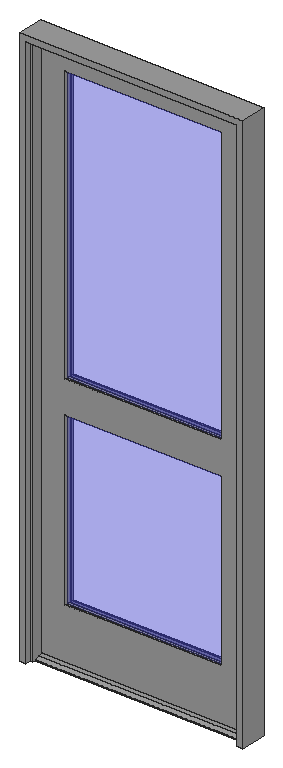
Revit family "MS-375 PIVOT DOOR-VIP-1-CW_v05", category Curtain Panels, Revit 2015
Parameters
  Width [instance] = 3' - 2"
  VIP2 Panic Devices [instance] = not(VIP1 Panic Devices)  # yes
  URL = "obe.com"
  Rough Width [instance] = 3' - 2"
  Panel Width [instance] = [Min-Max Panel Width]  # 3' - 0"
  Panel Offset [instance] = 0' - 0"
  Offset [instance] = 0' - 1"
  Model = "MS-375 DOOR"
  Min-Max Rough Width [instance] = if(and((Rough Width > 3' 1 255/256"), (Rough Width < 3' 8 1/256")), Rough Width, 3' 8")  # 3' - 2"
  Min-Max Panel Width [instance] = if(and((Rough Width > 3' 1 255/256"), (Rough Width < 3' 8 1/256")), Rough Width - 0' 2", 3' 6")  # 3' - 0"
  Manufacturer = "Oldcastle BuildingEnvelope®"
  Keynote = "08 11 00"
  Height [instance] = 8' - 0"
  Pushbar Height [instance] = 3' - 5 1/4"  # constant formula
  Glass Material = Glass
  Frame Material = Aluminum
  Door Panel Height [instance] = Height - 0' 0 19/32"  # 7' - 11 13/32"
  Description = "MS-375 - 1\" Door Infill"
  Assembly Code = "B2030"
  Analytic Construction = "<None>"
  VIP1 Panic Devices [instance] = no
  10 Bottom Rail [instance] = not([8 Bottom Rail])  # no
  8 Bottom Rail [instance] = yes
Reference planes (in)
  plane 1 "Front": y = 0
  plane 2: z = 0
  plane 3 "Center (Left/Right)": x = 0
  plane 4 "Left": x = -19
  plane 5 "Right": x = 19
  plane 6 "Top": z = 96
  plane 7 "Offset": y = -1
  plane 8: y = -2.28244
  plane 9: y = -2.28244
  plane 10: x = -19
  plane 11: x = 19
Forms (in)
  Sweep 1, solid, material "Aluminum" <- "Frame Material"
    path origin (0, -1, 0) x (-1, 0, 0) y (0, 0, 1)
      loop
        line (19, 0) -> (19, 96)
    profile origin (-19, -1, 48) x (1, 0, 0) y (0, 1, 0)
      loop
        line (1, -1.97) -> (1, 0) -> (0, 0) -> (0, -4.5) -> (1, -4.5) -> (1, -3.595) -> (1.5, -3.595) -> (1.5, -1.97) -> (1, -1.97)
  Sweep 2, solid, material "Aluminum" <- "Frame Material"
    path origin (0, -1, 0) x (-1, 0, 0) y (0, 0, 1)
      loop
        line (-19, 0) -> (-19, 96)
    profile origin (19, -1, 48) x (1, 0, 0) y (0, 1, 0)
      loop
        line (-1, -1.97) -> (-1.5, -1.97) -> (-1.5, -3.595) -> (-1, -3.595) -> (-1, -4.5) -> (0, -4.5) -> (0, 0) -> (-1, 0) -> (-1, -1.97)
  Extrusion 3, solid, material "Aluminum" <- "Frame Material"
    sketch origin (-19, 0, 0) x (0, -1, 0) y (0, 0, 1)
      loop
        line (2.97, 94.5) -> (4.595, 94.5) -> (4.595, 95) -> (5.5, 95) -> (5.5, 96) -> (1, 96) -> (1, 95) -> (2.97, 95) -> (2.97, 94.5)
    from -38 to 0
Cuts and joins
  joined: Sweep 1, Sweep 2, Extrusion 3
Text (in)
  text "Exterior" at (-54.29358, 31.38743, 0), in view "Ref. Level"
  text "Exterior" at (480, 41.53993, 89.60405), in view "Right"
  text "Exterior" at (-240, 57.82419, 105.78864), in view "Left"
Dimensions and locks (in)
  equal spacing: plane 4 "Left", plane 3 "Center (Left/Right)", plane 5 "Right"
  "Width": plane 4 "Left" to plane 5 "Right"
  "Height": plane 6 "Top" to plane 2
  "Offset": plane 1 "Front" to plane 7 "Offset"
  locked: plane 7 "Offset" to plane 8 at 1.28244
  locked: plane 7 "Offset" to plane 9 at 1.28244
  Extrusion 3 sketch curve to Extrusion 3 sketch curve to Extrusion 3 sketch curve = 0' - 0 1/2" locked, 0' - 0" locked
  Extrusion 3 sketch curve to Extrusion 3 sketch curve to Extrusion 3 sketch curve to Extrusion 3 sketch curve = 0' - 1.97" locked, 0' - 1 5/8" locked, 0' - 0.905" locked
  locked: Extrusion 3 sketch curve to Extrusion 3 sketch curve at 1
  equal spacing: plane 10, plane 3 "Center (Left/Right)", plane 11
  "Min-Max Rough Width": plane 10 to plane 11
  aligned and locked: level to plane 2
  aligned and locked: plane 6 "Top" to Sweep 1 sketch curve
  aligned and locked: level to Sweep 1 sketch curve
  aligned and locked: plane 6 "Top" to Sweep 2 sketch curve
  aligned and locked: level to Sweep 2 sketch curve
  aligned and locked: Extrusion 3 to plane 6 "Top"
  aligned and locked: Extrusion 3 sketch curve to plane 6 "Top"
  aligned and locked: plane 3 "Center (Left/Right)" to nested 1
  aligned and locked: nested 1 to plane 7 "Offset"  (x2)
  aligned and locked: Sweep 1 sketch curve to plane 10
  aligned and locked: plane 11 to Sweep 2 sketch curve
  aligned and locked: cut or joined group of Sweep 1, Sweep 2, Extrusion 3 to plane 11
  aligned and locked: cut or joined group of Sweep 1, Sweep 2, Extrusion 3 to plane 10
Automatic sketch dimensions
  Sweep 1 sketch curve to profile plane = 0' - 0"
  Sweep 1 sketch curve to plane 7 "Offset" = 0' - 0"
  Sweep 1 sketch curve to profile plane = 0' - 1"  (x2)
  Sweep 1 sketch curve to Sweep 1 sketch curve = 0' - 0 1/2"
  Sweep 1 sketch curve to plane 7 "Offset" = 0' - 1.97"
  Sweep 1 sketch curve to Sweep 1 sketch curve = 0' - 1 5/8"
  Sweep 1 sketch curve to Sweep 1 sketch curve = 0' - 0.905"
  Sweep 2 sketch curve to plane 7 "Offset" = 0' - 0"
  Sweep 2 sketch curve to profile plane = 0' - 0"
  profile plane to Sweep 2 sketch curve = 0' - 1"  (x2)
  Sweep 2 sketch curve to Sweep 2 sketch curve = 0' - 0 1/2"
  Sweep 2 sketch curve to plane 7 "Offset" = 0' - 1.97"
  Sweep 2 sketch curve to Sweep 2 sketch curve = 0' - 1 5/8"
  Sweep 2 sketch curve to Sweep 2 sketch curve = 0' - 0.905"
  Extrusion 3 sketch curve to plane 7 "Offset" = 0' - 0"
Nested families (in)
  nested 1: "MS-375 PIVOT DOOR-VIP-1-Panel_v04" at (0, -17, 0), Height <- "Door Panel Height", Frame Material <- "Frame Material", Glass Material <- "Glass Material", Width <- "Min-Max Panel Width", VIP1 Panic Devices <- "VIP1 Panic Devices", 8 Bottom Rail <- "8 Bottom Rail", VIP2 Panic Devices <- "VIP2 Panic Devices", type "MS-375 DOOR-1-Panel"
    with built-in parameter 1001301 3' - 0", VIP2 Panic Devices yes, VIP1 Panic Devices no, Pushbar Height 3' - 5 1/4", Offset 0' - 0", built-in parameter 1001300 7' - 11 13/32", Glass at Muntin 0' - 4 15/16", Glass Material Glass, Frame Material Aluminum, Bottom Rail 0' - 9 5/32", 8 Bottom Rail yes, 10 Bottom Rail no
Definition of nested family "MS-375 PIVOT DOOR-VIP-1-Panel_v04"
  Parameters (values of type "MS-375 DOOR-1-Panel")
    Width [instance] = 3' - 6"
    VIP2 Panic Devices [instance] = no
    VIP1 Panic Devices [instance] = not(VIP2 Panic Devices)  # yes
    Offset [instance] = 0' - 10 15/16"
    Height [instance] = 8' - 0"
    Glass at Muntin [instance] = if(VIP2 Panic Devices, 0' 4 15/16", 0' 8 15/16")  # 0' - 8 15/16"
    Pushbar Height [instance] = 3' - 5 1/4"  # constant formula
    Glass Material [instance] = none
    Frame Material [instance] = none
    Bottom Rail [instance] = if([10 Bottom Rail], 0' 11 5/32", 0' 9 5/32")  # 0' - 11 5/32"
    Analytic Construction = "<None>"
    8 Bottom Rail [instance] = no
    10 Bottom Rail [instance] = not([8 Bottom Rail])  # yes
  Reference planes (in)
    plane 1 "00": y = 4.0625
    plane 2: z = 0
    plane 3 "Center (Left/Right)": x = 0
    plane 4: z = 96
    plane 5: x = 21
    plane 6: x = -21
    plane 7 "Center (Front/Back)": y = 16
    plane 8 "Exterior": y = 4.5625
    plane 9: z = 48
    plane 10: z = 92.96875
    plane 11: z = 92
    plane 12: z = 11.15625
    plane 13: z = 36.78125
    plane 14: z = 45.71875
    plane 15: y = 5.0625
    plane 16: z = 41.25
  Forms (in)
    Sweep 1, solid, material <- "Frame Material"
      path origin (0, 4.0625, 0) x (1, 0, 0) y (0, 0, 1)
        loop
          line (-20.79246, 96) -> (20.80204, 96)
      profile origin (0.00479, 4.0625, 96) x (0, 0, 1) y (0, -1, 0)
        loop
          line (-0.40638, -0.875) -> (-0.40638, 0.875) -> (-2.74593, 0.875) -> (-4.28125, 0.875) -> (-4.28125, 0.5) -> (-4, 0.5) -> (-4, -0.5) -> (-4.28125, -0.5) -> (-4.28125, -0.875) -> (-2.74593, -0.875) -> (-0.40638, -0.875)
    Sweep 2, solid, material <- "Frame Material"
      path origin (0, 4.0625, 0) x (1, 0, 0) y (0, 0, 1)
        loop
          line (20.80204, 0) -> (-20.79246, 0)
      profile origin (0.00479, 4.0625, 0) x (0, 0, -1) y (0, -1, 0)
        loop
          line (-11.4375, -0.5) -> (-11.4375, -0.875) -> (-0.6875, -0.875) -> (-0.6875, 0.875) -> (-11.4375, 0.875) -> (-11.4375, 0.5) -> (-11.15625, 0.5) -> (-11.15625, -0.5) -> (-11.4375, -0.5)
        loop
          line (-0.5, 1.5305) -> (-0.5, -1.1555) -> (-0.19364, -1.8125) -> (-0.00001, -1.8125) -> (-0.00001, 2.1875) -> (-0.19364, 2.1875) -> (-0.5, 1.5305)
    Sweep 3, solid, material <- "Frame Material"
      path origin (0, 4.0625, 0) x (1, 0, 0) y (0, 0, 1)
        loop
          line (21, 95.59362) -> (21, 0.6875)
      profile origin (21, 4.0625, 48.14056) x (0, -1, 0) y (1, 0, 0)
        loop
          line (0.875, -0.19796) -> (-0.875, -0.08896) -> (-0.875, -2.31889) -> (-0.875, -4.58896) -> (-0.5, -4.58896) -> (-0.5, -4.30771) -> (0.5, -4.30771) -> (0.5, -4.58896) -> (0.875, -4.58896) -> (0.875, -2.31889) -> (0.875, -0.19796)
    Sweep 4, solid, material <- "Frame Material"
      path origin (0, 4.0625, 0) x (1, 0, 0) y (0, 0, 1)
        loop
          line (-21, 95.59362) -> (-21, 0.6875)
      profile origin (-21, 4.0625, 48.14056) x (0, -1, 0) y (1, 0, 0)
        loop
          line (-0.875, 0.09854) -> (0.875, 0.20754) -> (0.875, 2.21947) -> (0.875, 4.59854) -> (0.5, 4.59854) -> (0.5, 4.31729) -> (-0.5, 4.31729) -> (-0.5, 4.59854) -> (-0.875, 4.59854) -> (-0.875, 2.21947) -> (-0.875, 0.09854)
    Sweep 5, solid, material <- "Frame Material"
      path origin (0, 4.0625, 0) x (1, 0, 0) y (0, 0, 1)
        loop
          line (20.80204, 48) -> (-20.79246, 48)
      profile origin (0.00479, 4.0625, 48) x (0, 0, -1) y (0, -1, 0)
        loop
          line (7.5, -0.875) -> (11.5, -0.875) -> (11.5, -0.5) -> (11.21875, -0.5) -> (11.21875, 0.5) -> (11.5, 0.5) -> (11.5, 0.875) -> (7.5, 0.875) -> (2, 0.875) -> (2, 0.5) -> (2.28125, 0.5) -> (2.28125, -0.5) -> (2, -0.5) -> (2, -0.875) -> (7.5, -0.875)
    Extrusion 6, solid, material <- "Glass Material", detail levels coarse
      sketch origin (0, 0, 0) x (1, 0, 0) y (0, 1, 0)
        loop
          line (-16.68271, 4.5625) -> (-16.68271, 3.5625) -> (16.69229, 3.5625) -> (16.69229, 4.5625) -> (-16.68271, 4.5625)
      from 45.71875 to 92
    Extrusion 7, solid, material <- "Glass Material", detail levels medium+fine
      sketch origin (0, 0, 0) x (1, 0, 0) y (0, 1, 0)
        loop
          line (-16.68271, 3.5625) -> (16.69229, 3.5625) -> (16.69229, 3.8105) -> (-16.68271, 3.8105) -> (-16.68271, 3.5625)
        loop
          line (16.69229, 4.5625) -> (-16.68271, 4.5625) -> (-16.68271, 4.3145) -> (16.69229, 4.3145) -> (16.69229, 4.5625)
      from 45.71875 to 92
    Extrusion 8, solid, material <- "Glass Material", detail levels coarse
      sketch origin (0, 0, 0) x (1, 0, 0) y (0, 1, 0)
        loop
          line (-16.68271, 4.5625) -> (-16.68271, 3.5625) -> (16.69229, 3.5625) -> (16.69229, 4.5625) -> (-16.68271, 4.5625)
      from 11.15625 to 36.78125
    Extrusion 9, solid, material <- "Glass Material", detail levels medium+fine
      sketch origin (0, 0, 0) x (1, 0, 0) y (0, 1, 0)
        loop
          line (-16.68271, 4.5625) -> (-16.68271, 4.3145) -> (16.69229, 4.3145) -> (16.69229, 4.5625) -> (-16.68271, 4.5625)
        loop
          line (-16.68271, 3.8105) -> (-16.68271, 3.5625) -> (16.69229, 3.5625) -> (16.69229, 3.8105) -> (-16.68271, 3.8105)
      from 11.15625 to 36.78125
  Cuts and joins
    joined: Sweep 1, Sweep 2, Sweep 3, Sweep 4, Sweep 5
  Lines and regions (in)
    model lines
      curve 1: line (16.41104, 4.5625, 91.71875) -> (-16.68271, 4.5625, 48)
      curve 2: line (-16.68271, 4.5625, 48) -> (16.41104, 4.5625, 11.4375)
  Dimensions and locks (in)
    "Width": plane 6 to plane 5
    "Offset": plane 15 to plane 7 "Center (Front/Back)"
    plane 1 "00" to plane 8 "Exterior" to plane 15 = 0' - 0 1/2" locked, 0' - 0 1/2" locked
    equal spacing: level, plane 9, plane 4
    locked: Sweep 2 sketch curve to plane 6 at 0.20754
    locked: plane 5 to Sweep 2 sketch curve at 0.19796
    locked: Sweep 3 sketch curve to plane 4 at 0.40638
    locked: Sweep 4 sketch curve to plane 4 at 0.40638
    locked: Sweep 1 sketch curve to plane 6 at 0.20754
    locked: plane 5 to Sweep 1 sketch curve at 0.19796
    locked: plane 5 to Sweep 5 sketch curve at 0.19796
    locked: Sweep 5 sketch curve to plane 6 at 0.20754
    locked: plane 4 to plane 10 at 3.03125
    Extrusion 6 sketch curve to plane 1 "00" to Extrusion 6 sketch curve = 0' - 0 1/2" locked, 0' - 0 1/2" locked
    Extrusion 8 sketch curve to plane 1 "00" to Extrusion 8 sketch curve = 0' - 0 1/2" locked, 0' - 0 1/2" locked
    Extrusion 9 sketch curve to Extrusion 9 sketch curve to plane 1 "00" to Extrusion 9 sketch curve to Extrusion 9 sketch curve = 0' - 0.248" locked, 0' - 0.252" locked, 0' - 0.252" locked, 0' - 0.248" locked
    "Glass at Muntin": plane 13 to plane 14
    locked: plane 11 to plane 4 at 4
    "Bottom Rail": plane 12 to plane 2
    "Height": plane 4 to plane 2
    locked: Sweep 1 sketch curve to plane 11 at 0.28125  (x2)
    locked: plane 14 to Sweep 5 sketch curve at 0.28125  (x2)
    locked: plane 12 to Sweep 2 sketch curve at 0.28125  (x2)
    locked: Sweep 5 sketch curve to plane 13 at 0.28125  (x2)
    equal spacing: plane 6, plane 3 "Center (Left/Right)", plane 5
    Extrusion 7 sketch curve to Extrusion 7 sketch curve to Extrusion 7 sketch curve to Extrusion 7 sketch curve = 0' - 0.248" locked, 0' - 0.504" locked, 0' - 0.248" locked
    equal spacing: plane 13, plane 16, plane 14
    "Pushbar Height": plane 16 to plane 2
    locked: Sweep 4 sketch curve to plane 2 at 0.6875
    locked: Sweep 3 sketch curve to plane 2 at 0.6875
    aligned and locked: plane 2 to level
    aligned and locked: Sweep 1 sketch curve to plane 4
    aligned and locked: Sweep 2 sketch curve to level
    aligned and locked: plane 5 to Sweep 3 sketch curve
    aligned and locked: plane 6 to Sweep 4 sketch curve
    aligned and locked: Sweep 5 sketch curve to plane 9
    aligned and locked: Extrusion 7 to plane 11
    aligned and locked: Extrusion 6 to plane 11
    aligned and locked: plane 14 to Extrusion 7
    aligned and locked: plane 14 to Extrusion 6
    aligned and locked: Extrusion 8 to plane 13
    aligned and locked: Extrusion 9 to plane 13
    aligned and locked: plane 12 to Extrusion 9
    aligned and locked: plane 12 to Extrusion 8
    aligned and locked: plane 13 to cut or joined group of Sweep 1, Sweep 2, Sweep 3, Sweep 4, Sweep 5
    aligned and locked: plane 12 to Sweep 2 sketch curve
    aligned and locked: Sweep 5 sketch curve to plane 13
    aligned and locked: plane 14 to Sweep 5 sketch curve
    aligned and locked: cut or joined group of Sweep 1, Sweep 2, Sweep 3, Sweep 4, Sweep 5 to curve 1
  Automatic sketch dimensions
    plane 1 "00" to Sweep 2 sketch curve = 0' - 0 7/8"
    profile plane to Sweep 2 sketch curve = 0' - 0 1/2"
    profile plane to Sweep 2 sketch curve = 0' - 0.19364"  (x2)
    profile plane to Sweep 2 sketch curve = 0' - 0"
    Sweep 2 sketch curve to Sweep 2 sketch curve = 0' - 0 3/8"
    Sweep 2 sketch curve to plane 1 "00" = 0' - 0 1/2"
    Sweep 2 sketch curve to plane 1 "00" = 0' - 0 7/8"
    Sweep 2 sketch curve to Sweep 2 sketch curve = 0' - 2.686"
    Sweep 2 sketch curve to Sweep 2 sketch curve = 0' - 0.657"  (x2)
    Sweep 2 sketch curve to Sweep 2 sketch curve = 0' - 0.6555"
    Sweep 4 sketch curve to plane 1 "00" = 0' - 0 7/8"
    Sweep 4 sketch curve to Sweep 4 sketch curve = 0' - 0 3/8"
    plane 1 "00" to Sweep 4 sketch curve = 0' - 0 1/2"
    plane 1 "00" to Sweep 4 sketch curve = 0' - 0 7/8"
    Sweep 4 sketch curve to profile plane = 0' - 0.09854"
    Sweep 4 sketch curve to Sweep 4 sketch curve = 0' - 2.12093"
    Sweep 4 sketch curve to Sweep 4 sketch curve = 0' - 0"
    Sweep 4 sketch curve to Sweep 4 sketch curve = 0' - 2.09782"
    Sweep 4 sketch curve to Sweep 4 sketch curve = 0' - 0 9/32"  (x2)
    Sweep 4 sketch curve to profile plane = 0' - 0.20754"
    plane 6 to Extrusion 6 sketch curve = 0' - 4.31729"
    Extrusion 6 sketch curve to plane 5 = 0' - 4.30771"
    plane 6 to Extrusion 7 sketch curve = 0' - 4.31729"
    Extrusion 7 sketch curve to Extrusion 7 sketch curve = 0' - 0"  (x2)
    Extrusion 7 sketch curve to plane 5 = 0' - 4.30771"
    plane 6 to Extrusion 8 sketch curve = 0' - 4.31729"
    Extrusion 8 sketch curve to plane 5 = 0' - 4.30771"
    plane 6 to Extrusion 9 sketch curve = 0' - 4.31729"
    Extrusion 9 sketch curve to Extrusion 9 sketch curve = 0' - 0"  (x2)
    Extrusion 9 sketch curve to plane 5 = 0' - 4.30771"
    plane 1 "00" to Sweep 5 sketch curve = 0' - 0 7/8"
    Sweep 5 sketch curve to plane 1 "00" = 0' - 0 1/2"  (x2)
    Sweep 5 sketch curve to Sweep 5 sketch curve = 0' - 3 23/32"
    Sweep 5 sketch curve to Sweep 5 sketch curve = 0' - 0 3/8"  (x3)
    Sweep 5 sketch curve to Sweep 5 sketch curve = 0' - 0"
    curve 2 to plane 9 = 0' - 0"
    plane 11 to curve 1 = 0' - 0 9/32"
    curve 1 to plane 5 = 0' - 4.58896"
    curve 2 to plane 12 = 0' - 0 9/32"
    plane 8 "Exterior" to Extrusion 7 sketch curve = 0' - 0"
    Sweep 2 sketch curve to Sweep 2 sketch curve = 0' - 0 3/16"
    Sweep 3 sketch curve to plane 1 "00" = 0' - 0 7/8"
    Sweep 3 sketch curve to Sweep 3 sketch curve = 0' - 0 3/8"  (x2)
    plane 1 "00" to Sweep 3 sketch curve = 0' - 0 1/2"
    profile plane to Sweep 3 sketch curve = 0' - 4.58896"
    Sweep 3 sketch curve to Sweep 3 sketch curve = 0' - 0"  (x2)
    Sweep 3 sketch curve to Sweep 3 sketch curve = 0' - 0 9/32"
    Sweep 3 sketch curve to Sweep 3 sketch curve = 0' - 1.98882"
    profile plane to Sweep 3 sketch curve = 0' - 0.19796"
    profile plane to Sweep 3 sketch curve = 0' - 0.08896"
    curve 2 to plane 5 = 0' - 4.58896"
    Sweep 1 sketch curve to Sweep 1 sketch curve = 0' - 0 9/32"
    Sweep 1 sketch curve to Sweep 1 sketch curve = 0' - 1.25407"  (x2)
    profile plane to Sweep 1 sketch curve = 0' - 0.40638"
    Sweep 1 sketch curve to plane 1 "00" = 0' - 0 7/8"
    Sweep 1 sketch curve to Sweep 1 sketch curve = 0' - 0 3/8"  (x2)
    plane 1 "00" to Sweep 1 sketch curve = 0' - 0 1/2"
